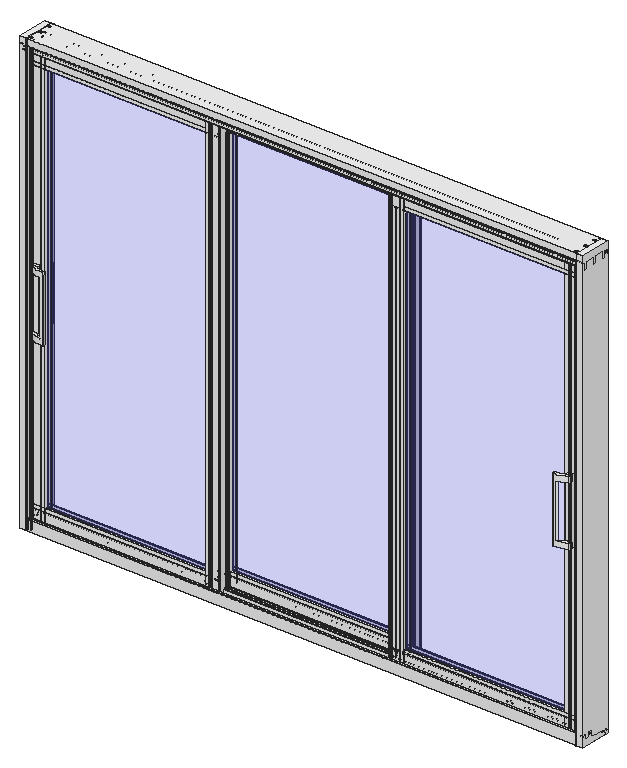
Revit family "Patio-Door_R-550-2-0_3-Light_XOX_5in_Novatech", category Doors, host Wall, Revit 2026 (continued)
Definition of nested family "NOVATECH_R-550 (2.0)_3 light OXO 5in_DOOR FRAME"
  Definition of nested family "NOVATECH 650_2 LIGHT_DOOR FRAME_RIGHT"
    Automatic sketch dimensions
      Extrusion 1 sketch curve to Extrusion 1 sketch curve = 0.00868"
      Extrusion 1 sketch curve to Extrusion 1 sketch curve = 0.18076"
      Extrusion 1 sketch curve to Extrusion 1 sketch curve = 0.81136"
      Extrusion 1 sketch curve to Extrusion 1 sketch curve = 0.03246"
      plane 1 "Center (Front/Back)" to Extrusion 1 sketch curve = 1.56321"
      Extrusion 1 sketch curve to Extrusion 1 sketch curve = 0.0325"
      Extrusion 1 sketch curve to Extrusion 1 sketch curve = 0.07999"  (x2)
      plane 1 "Center (Front/Back)" to Extrusion 1 sketch curve = 1.87161"
      Extrusion 1 sketch curve to Extrusion 1 sketch curve = 0.3085"
      Extrusion 1 sketch curve to Extrusion 1 sketch curve = 0.00515"  (x2)
      Extrusion 1 sketch curve to Extrusion 1 sketch curve = 0.02313"
      Extrusion 1 sketch curve to Extrusion 1 sketch curve = 0.02334"
      Extrusion 1 sketch curve to Extrusion 1 sketch curve = 0.0105"
      Extrusion 1 sketch curve to Extrusion 1 sketch curve = 0.02324"
      Extrusion 1 sketch curve to Extrusion 1 sketch curve = 0.03892"
      Extrusion 1 sketch curve to Extrusion 1 sketch curve = 0.03913"
      Extrusion 1 sketch curve to Extrusion 1 sketch curve = 0.02504"
      Extrusion 1 sketch curve to Extrusion 1 sketch curve = 0.00912"
      Extrusion 1 sketch curve to Extrusion 1 sketch curve = 0.00975"
      Extrusion 1 sketch curve to Extrusion 1 sketch curve = 0.00795"
      Extrusion 1 sketch curve to Extrusion 1 sketch curve = 0.00895"
      Extrusion 1 sketch curve to Extrusion 1 sketch curve = 0.03972"
      Extrusion 1 sketch curve to Extrusion 1 sketch curve = 0.03991"
      Extrusion 1 sketch curve to Extrusion 1 sketch curve = 0.02244"
      Extrusion 1 sketch curve to Extrusion 1 sketch curve = 0.02246"  (x3)
      Extrusion 1 sketch curve to Extrusion 1 sketch curve = 0.04436"
      Extrusion 1 sketch curve to Extrusion 1 sketch curve = 0.04602"
      Extrusion 1 sketch curve to Extrusion 1 sketch curve = 0.02305"
      Extrusion 1 sketch curve to Extrusion 1 sketch curve = 0.02222"
      Extrusion 1 sketch curve to Extrusion 1 sketch curve = 0.04558"  (x2)
      Extrusion 1 sketch curve to Extrusion 1 sketch curve = 0.00146"
      Extrusion 1 sketch curve to Extrusion 1 sketch curve = 0.03746"
      Extrusion 1 sketch curve to Extrusion 1 sketch curve = 0.03743"
      Extrusion 1 sketch curve to Extrusion 1 sketch curve = 0.00764"
      Extrusion 1 sketch curve to Extrusion 1 sketch curve = 0.00916"
      Extrusion 1 sketch curve to Extrusion 1 sketch curve = 0.01071"
      Extrusion 1 sketch curve to Extrusion 1 sketch curve = 0.01185"
      Extrusion 1 sketch curve to Extrusion 1 sketch curve = 0.00926"
      Extrusion 1 sketch curve to Extrusion 1 sketch curve = 0.03921"
      Extrusion 1 sketch curve to Extrusion 1 sketch curve = 0.03995"
      Extrusion 1 sketch curve to Extrusion 1 sketch curve = 0.02304"
      Extrusion 1 sketch curve to Extrusion 1 sketch curve = 0.02379"
      Extrusion 1 sketch curve to Extrusion 1 sketch curve = 0.16734"
      Extrusion 1 sketch curve to Extrusion 1 sketch curve = 0.07341"
      Extrusion 1 sketch curve to Extrusion 1 sketch curve = 0.18462"
      Extrusion 1 sketch curve to Extrusion 1 sketch curve = 0.35207"
Definition of nested family "NOVATECH_R-550 (2.0)_3 LIGHT_XOX_5in_LOOK HANDLE"
  Parameters (values of type "LOOK HANDLE")
    View Handle = yes
    Look Handle = yes
    Hardware Material = none
    Handle Length [instance] = 12"
    Default Elevation = 0"
  Reference planes (in)
    plane 1 "Center (Front/Back)": y = 0
    plane 2: z = 0
    plane 3 "Center (Left/Right)": x = 0
    plane 4: z = 12
    plane 5: z = 11
    plane 6: z = 1
    plane 7: z = 6
  Forms (in)
    Extrusion 1, solid, material <- "Hardware Material", visible <- "Look Handle"
      sketch origin (-2.75609, 4.10702, 0) x (1, 0, 0) y (0, 1, 0)
        loop
          line (2.28365, -5.7645) -> (2.29002, -6.12973)
          arc (2.29002, -6.12973) -> (2.31095, -6.17843) -> (2.36001, -6.1985) r 0.07
          line (2.36001, -6.1985) -> (3.15217, -6.1985)
          arc (3.15217, -6.1985) -> (3.20123, -6.17843) -> (3.22216, -6.12973) r 0.07
          line (3.22216, -6.12973) -> (3.22853, -5.7645) -> (2.28365, -5.7645)
      from 0 to 12
    Extrusion 2, solid, material <- "Hardware Material", visible <- "Look Handle"
      sketch origin (-2.75609, 4.10702, 0) x (1, 0, 0) y (0, 1, 0)
        loop
          arc (2.92658, -7.01425) -> (2.95049, -7.06991) -> (3.00657, -7.09285) r 0.08
          line (3.00657, -7.09285) -> (3.06811, -7.09285)
          arc (3.06811, -7.09285) -> (3.12419, -7.06991) -> (3.1481, -7.01425) r 0.08
          line (3.1481, -7.01425) -> (3.16234, -6.1985) -> (2.88163, -6.1985)
          arc (2.88163, -6.1985) -> (2.90353, -6.20746) -> (2.91288, -6.22921) r 0.03125
          line (2.91288, -6.22921) -> (2.92658, -7.01425)
      from 4.54231 to 11
    Extrusion 3, solid, material <- "Hardware Material", visible <- "Look Handle"
      sketch origin (-5.65408, 4.10702, 0) x (1, 0, 0) y (0, 1, 0)
        loop
          arc (5.26207, -7.01425) -> (5.28599, -7.06991) -> (5.34206, -7.09285) r 0.08
          line (5.34206, -7.09285) -> (5.96611, -7.09285)
          arc (5.96611, -7.09285) -> (6.02218, -7.06991) -> (6.0461, -7.01425) r 0.08
          line (6.0461, -7.01425) -> (6.06033, -6.1985) -> (5.24783, -6.1985) -> (5.26207, -7.01425)
      from 1 to 4.54231
  Dimensions and locks (in)
    "Handle Length": plane 4 to level
    locked: plane 4 to plane 5 at 1
    locked: plane 6 to level at 1
    equal spacing: plane 4, plane 7, level, locked at 6 each
    aligned and locked: plane 2 to level
  Automatic sketch dimensions
    Extrusion 1 sketch curve to plane 3 "Center (Left/Right)" = 0.47244"
    Extrusion 1 sketch curve to Extrusion 1 sketch curve = 0.00637"  (x2)
    Extrusion 1 sketch curve to Extrusion 1 sketch curve = 0.06999"  (x2)
    plane 3 "Center (Left/Right)" to Extrusion 1 sketch curve = 0.39608"
    plane 1 "Center (Front/Back)" to Extrusion 1 sketch curve = 2.09148"
    Extrusion 1 sketch curve to Extrusion 1 sketch curve = 0.06878"  (x2)
    Extrusion 1 sketch curve to Extrusion 1 sketch curve = 0.36522"
    plane 3 "Center (Left/Right)" to Extrusion 2 sketch curve = 0.31202"
    Extrusion 2 sketch curve to Extrusion 2 sketch curve = 0.07999"
    plane 1 "Center (Front/Back)" to Extrusion 2 sketch curve = 2.90722"
    Extrusion 2 sketch curve to Extrusion 2 sketch curve = 0.0014"  (x2)
    plane 3 "Center (Left/Right)" to Extrusion 2 sketch curve = 0.15679"
    Extrusion 2 sketch curve to Extrusion 2 sketch curve = 0.24946"
    Extrusion 2 sketch curve to Extrusion 2 sketch curve = 0.78504"
    Extrusion 2 sketch curve to Extrusion 2 sketch curve = 0.0307"
    Extrusion 2 sketch curve to Extrusion 2 sketch curve = 0.06155"
    Extrusion 2 sketch curve to Extrusion 2 sketch curve = 0"  (x2)
    Extrusion 2 sketch curve to Extrusion 2 sketch curve = 0.00055"
    plane 3 "Center (Left/Right)" to Extrusion 2 sketch curve = 0.12554"
    Extrusion 3 sketch curve to plane 3 "Center (Left/Right)" = 0.39201"
    Extrusion 3 sketch curve to Extrusion 3 sketch curve = 0.07999"
    plane 1 "Center (Front/Back)" to Extrusion 3 sketch curve = 2.90722"
    Extrusion 3 sketch curve to Extrusion 3 sketch curve = 0.0014"  (x2)
    Extrusion 3 sketch curve to plane 3 "Center (Left/Right)" = 13/32"
    Extrusion 3 sketch curve to Extrusion 3 sketch curve = 0.81574"
    plane 3 "Center (Left/Right)" to Extrusion 3 sketch curve = 0.31202"
    plane 3 "Center (Left/Right)" to Extrusion 3 sketch curve = 13/32"
    Extrusion 3 sketch curve to Extrusion 3 sketch curve = 0.0786"
Definition of nested family "NOVATECH_R-550 (2.0)_3 LIGHT_XOX_5in_VIEW HANDLE"
  Parameters (values of type "VIEW HANDLE")
    Hardware Finish = none
    Handle Length [instance] = 12"
    Default Elevation = 0"
  Reference planes (in)
    plane 1 "Center (Front/Back)": y = 0
    plane 2: z = 0
    plane 3 "Center (Left/Right)": x = 0
    plane 4: z = 12
    plane 5: z = 11
    plane 6: z = 1
    plane 7: z = 6
  Forms (in)
    Extrusion 1, solid, material <- "Hardware Finish"
      sketch origin (-2.75609, -5.7645, 0) x (1, 0, 0) y (0, 1, 0)
        loop
          line (2.25609, 6.2645) -> (2.25609, 5.7645) -> (3.25609, 5.7645) -> (3.25609, 6.2645) -> (2.25609, 6.2645)
      from 0 to 12
    Extrusion 2, solid, material <- "Hardware Finish"
      sketch origin (-2.75609, -5.7645, 0) x (1, 0, 0) y (0, 1, 0)
        loop
          arc (3.25636, 6.2645) -> (3.36219, 6.58898) -> (3.65155, 6.76996) r 0.5
          arc (3.65155, 6.76996) -> (4.19674, 6.84875) -> (4.74609, 6.8895) r 7.93092
          arc (4.74609, 6.8895) -> (4.87857, 6.94764) -> (4.92546, 7.0845) r 0.18
          arc (4.92546, 7.0845) -> (4.87857, 7.22136) -> (4.74609, 7.2795) r 0.18
          arc (4.74609, 7.2795) -> (3.50036, 7.21489) -> (2.35751, 6.71497) r 3.47867
          arc (2.35751, 6.71497) -> (2.28354, 6.64857) -> (2.25609, 6.55303) r 0.18
          line (2.25609, 6.55303) -> (2.25609, 6.2645) -> (3.25636, 6.2645)
      from 0 to 12
    Extrusion 3, void
      sketch origin (-2.75609, -5.7645, 0) x (1, 0, 0) y (0, 1, 0)
        loop
          arc (3.25636, 6.2645) -> (3.36219, 6.58898) -> (3.65155, 6.76996) r 0.5
          arc (3.65155, 6.76996) -> (3.99574, 6.82419) -> (4.34198, 6.86326) r 7.93092
          arc (4.34198, 6.86326) -> (4.5239, 7.10462) -> (4.30048, 7.30816) r 0.22439
          arc (4.30048, 7.30816) -> (3.28473, 7.15656) -> (2.35751, 6.71497) r 3.47867
          arc (2.35751, 6.71497) -> (2.28354, 6.64857) -> (2.25609, 6.55303) r 0.18
          line (2.25609, 6.55303) -> (2.25609, 6.2645) -> (3.25636, 6.2645)
      from 1 to 11
  Cuts and joins
    Extrusion 3 cuts Extrusion 2
  Dimensions and locks (in)
    "Handle Length": plane 4 to level
    locked: plane 4 to plane 5 at 1
    locked: plane 6 to level at 1
    equal spacing: plane 4, plane 7, level, locked at 6 each
    aligned and locked: plane 2 to level
    aligned and locked: cut or joined group of Extrusion 2, Extrusion 3 to plane 5
    aligned and locked: plane 6 to cut or joined group of Extrusion 2, Extrusion 3
    aligned and locked: Extrusion 1 to plane 4
    aligned and locked: cut or joined group of Extrusion 2, Extrusion 3 to plane 4
  Automatic sketch dimensions
    plane 1 "Center (Front/Back)" to Extrusion 1 sketch curve = 0"
    Extrusion 1 sketch curve to plane 3 "Center (Left/Right)" = 1/2"
    plane 3 "Center (Left/Right)" to Extrusion 1 sketch curve = 1/2"
    Extrusion 1 sketch curve to plane 1 "Center (Front/Back)" = 1/2"
    Extrusion 2 sketch curve to plane 3 "Center (Left/Right)" = 1/2"
    Extrusion 2 sketch curve to Extrusion 2 sketch curve = 0.18"
    plane 3 "Center (Left/Right)" to Extrusion 2 sketch curve = 0.50027"
    Extrusion 2 sketch curve to Extrusion 2 sketch curve = 0.49973"
    plane 3 "Center (Left/Right)" to Extrusion 2 sketch curve = 1.54439"
    Extrusion 2 sketch curve to Extrusion 2 sketch curve = 0.99"
    Extrusion 2 sketch curve to Extrusion 2 sketch curve = 0"
    plane 3 "Center (Left/Right)" to Extrusion 2 sketch curve = 2.30175"
    plane 1 "Center (Front/Back)" to Extrusion 2 sketch curve = 6.79979"
    plane 1 "Center (Front/Back)" to Extrusion 2 sketch curve = 1.93501"
    Extrusion 2 sketch curve to plane 1 "Center (Front/Back)" = 1/2"
    Extrusion 2 sketch curve to Extrusion 2 sketch curve = 0.0165"
    Extrusion 2 sketch curve to Extrusion 2 sketch curve = 0.28853"
    Extrusion 2 sketch curve to Extrusion 2 sketch curve = 0.7885"
    Extrusion 2 sketch curve to Extrusion 2 sketch curve = 0.03"
    Extrusion 2 sketch curve to Extrusion 2 sketch curve = 0.07858"
    Extrusion 2 sketch curve to Extrusion 2 sketch curve = 0.10454"
    Extrusion 3 sketch curve to plane 3 "Center (Left/Right)" = 1/2"
    Extrusion 3 sketch curve to Extrusion 3 sketch curve = 0.18"
    plane 3 "Center (Left/Right)" to Extrusion 3 sketch curve = 0.50027"
    Extrusion 3 sketch curve to Extrusion 3 sketch curve = 0.49973"
    plane 3 "Center (Left/Right)" to Extrusion 3 sketch curve = 1.54439"
    plane 3 "Center (Left/Right)" to Extrusion 3 sketch curve = 2.30175"
    plane 1 "Center (Front/Back)" to Extrusion 3 sketch curve = 6.79979"
    plane 1 "Center (Front/Back)" to Extrusion 3 sketch curve = 1.93501"
    Extrusion 3 sketch curve to plane 1 "Center (Front/Back)" = 1/2"
    Extrusion 3 sketch curve to Extrusion 3 sketch curve = 0.0165"
    Extrusion 3 sketch curve to Extrusion 3 sketch curve = 0.28853"
    Extrusion 3 sketch curve to Extrusion 3 sketch curve = 0.80277"
    Extrusion 3 sketch curve to Extrusion 3 sketch curve = 0.07858"
    Extrusion 3 sketch curve to Extrusion 3 sketch curve = 0.10454"
    Extrusion 3 sketch curve to Extrusion 3 sketch curve = 0.0415"
Definition of nested family "NOVATECH_R-550 (2.0)_3 LIGHT_XOX_5in_SASH_X"
  Parameters (values of type "SASH_X")
    Width = 33.71615"
    Panel Material = none
    Height = 77 27/64"
    Frame Material = none
    Default Elevation = 0"
  Reference planes (in)
    plane 1 "Center (Front/Back)": y = 0
    plane 2: z = 0
    plane 3 "Center (Left/Right)": x = 0
    plane 4: x = 16.85807
    plane 5: x = -16.85807
    plane 6: z = 77.42188
    plane 7: y = 0.76968
  Forms (in)
    Extrusion 1, solid, material <- "Panel Material"
      sketch origin (53.05518, -3.44005, -6.62158) x (1, 0, 0) y (0, 1, 0)
        loop
          line (-67.69348, 4.64701) -> (-67.69348, 3.77299) -> (-36.97379, 3.77299) -> (-36.97379, 4.64701) -> (-67.69348, 4.64701)
      from 8.65969 to 82.00488
  Dimensions and locks (in)
    "Height": plane 6 to level
    "Width": plane 4 to plane 5
    equal spacing: plane 4, plane 3 "Center (Left/Right)", plane 5
    locked: plane 5 to nested 3 at 0.18167
    locked: plane 4 to nested 3 at 1.2619
    locked: Extrusion 1 sketch curve to Extrusion 1 sketch curve at 0.87402
    locked: plane 1 "Center (Front/Back)" to plane 7 at 0.76968
    locked: plane 5 to Extrusion 1 at 2.21978
    locked: Extrusion 1 to plane 4 at 0.77668
    locked: plane 6 to Extrusion 1 at 2.03858
    locked: Extrusion 1 to level at 2.03811
    locked: plane 5 to nested 4 at 0.18167
    locked: plane 4 to nested 4 at 1.2619
    aligned and locked: plane 2 to level
    aligned and locked: nested 1 to level
    aligned and locked: nested 2 to level
    aligned and locked: nested 1 to plane 5
    aligned and locked: plane 1 "Center (Front/Back)" to nested 1
    aligned and locked: nested 2 to plane 4
    aligned and locked: plane 6 to nested 3
    aligned and locked: plane 1 "Center (Front/Back)" to nested 3
    aligned and locked: nested 4 to plane 1 "Center (Front/Back)"
    aligned and locked: level to nested 4
  Automatic sketch dimensions
    Extrusion 1 sketch curve to plane 1 "Center (Front/Back)" = 0.33295"
    plane 5 to Extrusion 1 sketch curve = 2.21978"
    Extrusion 1 sketch curve to plane 4 = 0.77668"
  Nested families (in)
    nested 1: "NOVATECH_650_2 LIGHT_SASH_X_LEFT" at (-16.85807, 1.65748, 0) x (0, -1, 0) z (0, 0, 1), type "X_LEFT"
      with Length 77 27/64"
    nested 2: "NOVATECH_650_2 LIGHT_SASH_X_RIGHT" at (18.20666, 1.65775, 0) x (0, 1, 0) z (0, 0, 1), type "X_RIGHT"
    nested 3: "NOVATECH_650_2 LIGHT_SASH_X_HEADER1" at (-16.67641, 1.65748, 74.81906), type "X_HEADER 2"
      with built-in parameter 1001306 2.8997 (stored number, unit not read)
    nested 4: "NOVATECH_650_2 LIGHT_SASH_X_SILL1" at (18.11998, 1.65748, 0) x (-1, 0, 0) z (0, 0, 1), type "X_SILL 2"
      with built-in parameter 1001306 2.8997 (stored number, unit not read)
  Definition of nested family "NOVATECH_650_2 LIGHT_SASH_X_LEFT"
    Parameters (values of type "X_LEFT")
      Length = 91 121/128"
      Frame Material = none
      Default Elevation = 0"
    Reference planes (in)
      plane 1 "Center (Front/Back)": y = 0
      plane 2: z = 0
      plane 3 "Center (Left/Right)": x = 0
      plane 4: z = 91.94531
      plane 5: x = 1.65748
    Forms (in)
      Extrusion 1, solid, material <- "Frame Material"
        sketch origin (0, 0, 0) x (1, 0, 0) y (0, 1, 0)
          loop
            line (1.22244, 0.89033) -> (1.22244, 0.50487) -> (1.27362, 0.50487) -> (1.27362, 0.56786) -> (1.3248, 0.56786) -> (1.3248, 0.26077) -> (1.27362, 0.26077) -> (1.27362, 0.32377) -> (1.22244, 0.32377) -> (1.22244, 0.24072)
            arc (1.22244, 0.24072) -> (1.23974, 0.19896) -> (1.2815, 0.18167) r 0.05906
            line (1.2815, 0.18167) -> (1.59843, 0.18167)
            arc (1.59843, 0.18167) -> (1.64018, 0.19896) -> (1.65748, 0.24072) r 0.05906
            line (1.65748, 0.24072) -> (1.65748, 2.72091)
            arc (1.65748, 2.72091) -> (1.65024, 2.74028) -> (1.63206, 2.75015) r 0.02953
            line (1.63206, 2.75015) -> (1.3878, 2.78448) -> (1.3878, 2.74317) -> (1.42126, 2.74317) -> (1.42126, 2.09505) -> (1.3248, 2.09505) -> (1.3248, 2.21978) -> (0.45079, 2.21978) -> (0.45079, 2.09458) -> (0.22047, 2.09458) -> (0.22047, 1.85883) -> (0.27165, 1.85883) -> (0.27165, 1.76041) -> (0.07874, 1.76041) -> (0.07874, 2.09505) -> (0, 2.09505) -> (0, 0.24072)
            arc (0, 0.24072) -> (0.0173, 0.19896) -> (0.05906, 0.18167) r 0.05906
            line (0.05906, 0.18167) -> (0.37598, 0.18167)
            arc (0.37598, 0.18167) -> (0.41774, 0.19896) -> (0.43504, 0.24072) r 0.05906
            line (0.43504, 0.24072) -> (0.43504, 0.32377) -> (0.38386, 0.32377) -> (0.38386, 0.26077) -> (0.33268, 0.26077) -> (0.33268, 0.56786) -> (0.38386, 0.56786) -> (0.38386, 0.50487) -> (0.43504, 0.50487) -> (0.43504, 0.89033) -> (1.22244, 0.89033)
          loop
            line (0.52457, 0.37126) -> (0.52457, 0) -> (1.13481, 0) -> (1.13481, 0.37126)
            arc (1.13481, 0.37126) -> (1.10598, 0.44086) -> (1.03638, 0.46969) r 0.09843
            line (1.03638, 0.46969) -> (0.623, 0.46969)
            arc (0.623, 0.46969) -> (0.5534, 0.44086) -> (0.52457, 0.37126) r 0.09843
          loop
            line (0.44481, 0.62418) -> (0.44481, 0.49623) -> (1.21253, 0.49623) -> (1.21253, 0.62418) -> (1.17489, 0.62418) -> (1.17489, 0.86183) -> (0.49772, 0.86183) -> (0.49772, 0.62418) -> (0.44481, 0.62418)
          loop
            line (0.3878, 2.78254) -> (0.02953, 2.78254)
            arc (0.02953, 2.78254) -> (0.00865, 2.77389) -> (0, 2.75302) r 0.02953
            line (0, 2.75302) -> (0, 2.12252)
            arc (0, 2.12252) -> (0.00787, 2.10888) -> (0.02362, 2.10888) r 0.01575
            line (0.02362, 2.10888) -> (0.05272, 2.12216)
            arc (0.05272, 2.12216) -> (0.07644, 2.12249) -> (0.08888, 2.10229) r 0.02402
            line (0.08888, 2.10229) -> (0.10187, 1.9166) -> (0.13488, 1.83593)
            arc (0.13488, 1.83593) -> (0.16048, 1.8092) -> (0.19743, 1.80702) r 0.05066
            arc (0.19743, 1.80702) -> (0.2171, 1.82834) -> (0.21099, 1.8567) r 0.0315
            line (0.21099, 1.8567) -> (0.16631, 1.96729) -> (0.15655, 2.09491) -> (0.23966, 2.14667) -> (0.34645, 2.11042)
            arc (0.34645, 2.11042) -> (0.36116, 2.11197) -> (0.3681, 2.12502) r 0.01575
            line (0.3681, 2.12502) -> (0.36811, 2.74317) -> (0.3878, 2.78254)
        from 0 to 91.94531
    Dimensions and locks (in)
      "Length": plane 4 to level
      aligned and locked: plane 2 to level
      aligned and locked: Extrusion 1 to level
      aligned and locked: plane 4 to Extrusion 1
    Automatic sketch dimensions
      plane 1 "Center (Front/Back)" to Extrusion 1 sketch curve = 0"
      plane 3 "Center (Left/Right)" to Extrusion 1 sketch curve = 0.43504"
      Extrusion 1 sketch curve to Extrusion 1 sketch curve = 0.00977"
      Extrusion 1 sketch curve to Extrusion 1 sketch curve = 0.06269"
      Extrusion 1 sketch curve to Extrusion 1 sketch curve = 0.07977"
      Extrusion 1 sketch curve to Extrusion 1 sketch curve = 0.09843"  (x2)
      Extrusion 1 sketch curve to Extrusion 1 sketch curve = 0.41339"
      Extrusion 1 sketch curve to Extrusion 1 sketch curve = 0.13851"
      Extrusion 1 sketch curve to Extrusion 1 sketch curve = 0.03764"
      Extrusion 1 sketch curve to Extrusion 1 sketch curve = 0.04755"
      Extrusion 1 sketch curve to Extrusion 1 sketch curve = 0"  (x2)
      Extrusion 1 sketch curve to Extrusion 1 sketch curve = 0.01575"  (x2)
      Extrusion 1 sketch curve to Extrusion 1 sketch curve = 0.00787"  (x3)
      Extrusion 1 sketch curve to Extrusion 1 sketch curve = 0.02953"  (x2)
      Extrusion 1 sketch curve to Extrusion 1 sketch curve = 0.0291"
      Extrusion 1 sketch curve to Extrusion 1 sketch curve = 0.05906"
      Extrusion 1 sketch curve to Extrusion 1 sketch curve = 0.01216"
      Extrusion 1 sketch curve to Extrusion 1 sketch curve = 0.01386"
      Extrusion 1 sketch curve to Extrusion 1 sketch curve = 0.01014"
      Extrusion 1 sketch curve to Extrusion 1 sketch curve = 0.02313"
      Extrusion 1 sketch curve to Extrusion 1 sketch curve = 0.03301"
      Extrusion 1 sketch curve to Extrusion 1 sketch curve = 0.06767"
      Extrusion 1 sketch curve to Extrusion 1 sketch curve = 0.06444"
      Extrusion 1 sketch curve to Extrusion 1 sketch curve = 3/64"
      Extrusion 1 sketch curve to Extrusion 1 sketch curve = 0.00498"
      Extrusion 1 sketch curve to Extrusion 1 sketch curve = 0.02926"
      Extrusion 1 sketch curve to Extrusion 1 sketch curve = 0.06392"
      Extrusion 1 sketch curve to Extrusion 1 sketch curve = 0.01918"
      Extrusion 1 sketch curve to Extrusion 1 sketch curve = 0.05118"  (x5)
      Extrusion 1 sketch curve to Extrusion 1 sketch curve = 0.27362"  (x2)
      Extrusion 1 sketch curve to Extrusion 1 sketch curve = 0.1068"
      Extrusion 1 sketch curve to Extrusion 1 sketch curve = 0.0059"
      Extrusion 1 sketch curve to Extrusion 1 sketch curve = 0.33858"
      Extrusion 1 sketch curve to Extrusion 1 sketch curve = 0.04331"  (x2)
      Extrusion 1 sketch curve to Extrusion 1 sketch curve = 0.01969"
      Extrusion 1 sketch curve to Extrusion 1 sketch curve = 0.08268"
      Extrusion 1 sketch curve to Extrusion 1 sketch curve = 0.87402"
      Extrusion 1 sketch curve to Extrusion 1 sketch curve = 0.06299"  (x5)
      Extrusion 1 sketch curve to Extrusion 1 sketch curve = 0.09646"
      Extrusion 1 sketch curve to Extrusion 1 sketch curve = 0.20669"
      Extrusion 1 sketch curve to Extrusion 1 sketch curve = 0.00411"
      Extrusion 1 sketch curve to plane 1 "Center (Front/Back)" = 0.18167"  (x2)
      Extrusion 1 sketch curve to Extrusion 1 sketch curve = 0.02005"  (x2)
      Extrusion 1 sketch curve to Extrusion 1 sketch curve = 0.12497"
      Extrusion 1 sketch curve to Extrusion 1 sketch curve = 0.12795"  (x2)
      Extrusion 1 sketch curve to Extrusion 1 sketch curve = 0.1811"  (x2)
      Extrusion 1 sketch curve to Extrusion 1 sketch curve = 0.23764"
      Extrusion 1 sketch curve to Extrusion 1 sketch curve = 0.0285"
      Extrusion 1 sketch curve to Extrusion 1 sketch curve = 0.32247"
      Extrusion 1 sketch curve to Extrusion 1 sketch curve = 0.07552"
      Extrusion 1 sketch curve to Extrusion 1 sketch curve = 0.0007"
      Extrusion 1 sketch curve to Extrusion 1 sketch curve = 0.01855"
      Extrusion 1 sketch curve to Extrusion 1 sketch curve = 0.00151"
      Extrusion 1 sketch curve to Extrusion 1 sketch curve = 0.00214"
      Extrusion 1 sketch curve to Extrusion 1 sketch curve = 0.08067"
      Extrusion 1 sketch curve to Extrusion 1 sketch curve = 0.05069"
      Extrusion 1 sketch curve to Extrusion 1 sketch curve = 0.12728"
      Extrusion 1 sketch curve to Extrusion 1 sketch curve = 0.00033"
      Extrusion 1 sketch curve to Extrusion 1 sketch curve = 0.00014"
      Extrusion 1 sketch curve to Extrusion 1 sketch curve = 0.00047"
      Extrusion 1 sketch curve to Extrusion 1 sketch curve = 0.00639"
      Extrusion 1 sketch curve to Extrusion 1 sketch curve = 0.00724"
      Extrusion 1 sketch curve to Extrusion 1 sketch curve = 0.01383"
      Extrusion 1 sketch curve to Extrusion 1 sketch curve = 0.01584"
      Extrusion 1 sketch curve to Extrusion 1 sketch curve = 0.05209"
      Extrusion 1 sketch curve to Extrusion 1 sketch curve = 0.12472"
      Extrusion 1 sketch curve to Extrusion 1 sketch curve = 0.50114"
      Extrusion 1 sketch curve to Extrusion 1 sketch curve = 0.5234"
      Extrusion 1 sketch curve to Extrusion 1 sketch curve = 0.02226"
      Extrusion 1 sketch curve to Extrusion 1 sketch curve = 0.00984"
      Extrusion 1 sketch curve to Extrusion 1 sketch curve = 0.04131"
      Extrusion 1 sketch curve to plane 3 "Center (Left/Right)" = 0"
      Extrusion 1 sketch curve to Extrusion 1 sketch curve = 0.08763"
      Extrusion 1 sketch curve to Extrusion 1 sketch curve = 0.87008"
  Definition of nested family "NOVATECH_650_2 LIGHT_SASH_X_RIGHT"
    Parameters (values of type "NOVATECH_650_2 LIGHT_SASH_X_RIGHT")
      Length = 79 1/2"
      Frame Material = none
      Default Elevation = 0"
    Types (2): name | Length
      NOVATECH_650_2 LIGHT_SASH_X_RIGHT | 79 1/2"
      X_RIGHT | 77 27/64"
    Reference planes (in)
      plane 1 "Center (Front/Back)": y = 0
      plane 2: z = 0
      plane 3 "Center (Left/Right)": x = 0
      plane 4: z = 79.5
      plane 5: y = 1.34858
    Forms (in)
      Extrusion 1, solid, material <- "Frame Material"
        sketch origin (0, 0, 0) x (1, 0, 0) y (0, 1, 0)
          loop
            line (-1.3878, 2.68949) -> (-1.63206, 2.65516)
            arc (-1.63206, 2.65516) -> (-1.65024, 2.6453) -> (-1.65748, 2.62592) r 0.02953
            line (-1.65748, 2.62592) -> (-1.65748, 0.14573)
            arc (-1.65748, 0.14573) -> (-1.64018, 0.10398) -> (-1.59843, 0.08668) r 0.05906
            line (-1.59843, 0.08668) -> (-1.2815, 0.08668)
            arc (-1.2815, 0.08668) -> (-1.23974, 0.10398) -> (-1.22244, 0.14573) r 0.05906
            line (-1.22244, 0.14573) -> (-1.22244, 0.21303)
            arc (-1.22244, 0.21303) -> (-1.24803, 0.22962) -> (-1.27362, 0.21303) r 0.02803
            line (-1.27362, 0.21303) -> (-1.27362, 0.18154)
            arc (-1.27362, 0.18154) -> (-1.29921, 0.16396) -> (-1.3248, 0.18154) r 0.02742
            line (-1.3248, 0.18154) -> (-1.3248, 0.45713)
            arc (-1.3248, 0.45713) -> (-1.29921, 0.47486) -> (-1.27362, 0.45713) r 0.02733
            line (-1.27362, 0.45713) -> (-1.27362, 0.42563)
            arc (-1.27362, 0.42563) -> (-1.24803, 0.40805) -> (-1.22244, 0.42563) r 0.02742
            line (-1.22244, 0.42563) -> (-1.22244, 0.79534) -> (-0.43504, 0.79534) -> (-0.43504, 0.42563)
            arc (-0.43504, 0.42563) -> (-0.40945, 0.40805) -> (-0.38386, 0.42563) r 0.02742
            line (-0.38386, 0.42563) -> (-0.38386, 0.45713)
            arc (-0.38386, 0.45713) -> (-0.35827, 0.47524) -> (-0.33268, 0.45713) r 0.02713
            line (-0.33268, 0.45713) -> (-0.33268, 0.18154)
            arc (-0.33268, 0.18154) -> (-0.35827, 0.16434) -> (-0.38386, 0.18154) r 0.02764
            line (-0.38386, 0.18154) -> (-0.38386, 0.21303)
            arc (-0.38386, 0.21303) -> (-0.40945, 0.23061) -> (-0.43504, 0.21303) r 0.02742
            line (-0.43504, 0.21303) -> (-0.43504, 0.14573)
            arc (-0.43504, 0.14573) -> (-0.41774, 0.10398) -> (-0.37598, 0.08668) r 0.05906
            line (-0.37598, 0.08668) -> (-0.05906, 0.08668)
            arc (-0.05906, 0.08668) -> (-0.0173, 0.10398) -> (0, 0.14573) r 0.05906
            line (0, 0.14573) -> (0, 2.00007) -> (-0.07874, 2.00007) -> (-0.07874, 1.66542) -> (-0.27165, 1.66542) -> (-0.27165, 1.76384) -> (-0.22047, 1.76384) -> (-0.22047, 2.00007) -> (-0.45079, 2.00007) -> (-0.45079, 2.12479) -> (-1.3248, 2.12479) -> (-1.3248, 1.99959) -> (-1.42126, 1.99959) -> (-1.42126, 2.64819) -> (-1.3878, 2.64819) -> (-1.3878, 2.68949)
          loop
            line (-0.36811, 2.64819) -> (-0.3681, 2.03003)
            arc (-0.3681, 2.03003) -> (-0.36116, 2.01698) -> (-0.34645, 2.01543) r 0.01575
            line (-0.34645, 2.01543) -> (-0.23966, 2.05168) -> (-0.15655, 1.99992) -> (-0.16631, 1.87231) -> (-0.21099, 1.76171)
            arc (-0.21099, 1.76171) -> (-0.21656, 1.73158) -> (-0.19388, 1.71098) r 0.0315
            arc (-0.19388, 1.71098) -> (-0.15883, 1.71501) -> (-0.1349, 1.74094) r 0.05068
            line (-0.1349, 1.74094) -> (-0.09948, 1.82779) -> (-0.08693, 2.0073)
            arc (-0.08693, 2.0073) -> (-0.07596, 2.02632) -> (-0.05404, 2.02757) r 0.02309
            line (-0.05404, 2.02757) -> (-0.02362, 2.01194)
            arc (-0.02362, 2.01194) -> (-0.00787, 2.01194) -> (0, 2.02558) r 0.01575
            line (0, 2.02558) -> (0, 2.65803)
            arc (0, 2.65803) -> (-0.00865, 2.67891) -> (-0.02953, 2.68756) r 0.02953
            line (-0.02953, 2.68756) -> (-0.3878, 2.68756) -> (-0.36811, 2.64819)
          loop
            line (-0.00532, 0.06693) -> (-0.4773, 0.06693) -> (-0.4391, 0.25591) -> (-0.38762, 0.25591)
            arc (-0.38762, 0.25591) -> (-0.37291, 0.26603) -> (-0.37712, 0.28339) r 0.01575
            line (-0.37712, 0.28339) -> (-0.48008, 0.397)
            arc (-0.48008, 0.397) -> (-0.50292, 0.39997) -> (-0.51341, 0.37946) r 0.02
            line (-0.51341, 0.37946) -> (-0.49589, 0.25591) -> (-0.53329, 0.07087) -> (-1.12384, 0.07087) -> (-1.16124, 0.25591) -> (-1.14375, 0.37069)
            arc (-1.14375, 0.37069) -> (-1.15412, 0.39135) -> (-1.17705, 0.38843) r 0.02
            line (-1.17705, 0.38843) -> (-1.27913, 0.26087)
            arc (-1.27913, 0.26087) -> (-1.28035, 0.24327) -> (-1.2643, 0.23594) r 0.0155
            line (-1.2643, 0.23594) -> (-1.21474, 0.24478) -> (-1.17143, 0.06693) -> (-1.96363, 0.06693) -> (-1.96363, 0.63673) -> (-1.90442, 0.6761) -> (-1.90442, 0.81723) -> (-1.70049, 0.81723) -> (-1.70049, 0.88415) -> (-1.90442, 0.88415) -> (-1.90442, 1.06988) -> (-1.93347, 1.10788) -> (-1.93347, 1.49105) -> (-1.99407, 1.596)
            arc (-1.99407, 1.596) -> (-1.99509, 1.62721) -> (-2.02356, 1.64005) r 0.02953
            arc (-2.02356, 1.64005) -> (-2.04694, 1.63301) -> (-2.05703, 1.61078) r 0.02953
            line (-2.05703, 1.61078) -> (-2.05703, 1.5712) -> (-2.0004, 1.47312) -> (-2.0004, 1.1048)
            arc (-2.0004, 1.1048) -> (-2.00887, 1.08863) -> (-2.02698, 1.08636) r 0.01969
            arc (-2.02698, 1.08636) -> (-2.06078, 1.0621) -> (-2.07371, 1.02255) r 0.06693
            line (-2.07371, 1.02255) -> (-2.07354, 0.97924)
            arc (-2.07354, 0.97924) -> (-2.04795, 0.96174) -> (-2.02236, 0.97924) r 0.02746
            line (-2.02236, 0.97924) -> (-2.02253, 1.01074)
            arc (-2.02253, 1.01074) -> (-1.99694, 1.02832) -> (-1.97135, 1.01074) r 0.02742
            line (-1.97135, 1.01074) -> (-1.97135, 0.73515)
            arc (-1.97135, 0.73515) -> (-1.99694, 0.71804) -> (-2.02253, 0.73515) r 0.02769
            line (-2.02253, 0.73515) -> (-2.02253, 0.77452)
            arc (-2.02253, 0.77452) -> (-2.04812, 0.79231) -> (-2.07371, 0.77452) r 0.0273
            line (-2.07371, 0.77452) -> (-2.07371, 0.72334)
            arc (-2.07371, 0.72334) -> (-2.06188, 0.68534) -> (-2.03056, 0.66078) r 0.06693
            line (-2.03056, 0.66078) -> (-2.03056, 0.07874)
            arc (-2.03056, 0.07874) -> (-2.0075, 0.02306) -> (-1.95182, 0) r 0.07874
            line (-1.95182, 0) -> (-0.04135, 0)
            arc (-0.04135, 0) -> (-0.01984, 0.0064) -> (-0.00532, 0.02351) r 0.03937
            line (-0.00532, 0.02351) -> (-0.00532, 0.06693)
        from 0 to 79.5
    Dimensions and locks (in)
      "Length": plane 4 to level
      aligned and locked: plane 2 to level
      aligned and locked: Extrusion 1 to level
      aligned and locked: plane 4 to Extrusion 1
    Automatic sketch dimensions
      plane 1 "Center (Front/Back)" to Extrusion 1 sketch curve = 0"
      Extrusion 1 sketch curve to plane 3 "Center (Left/Right)" = 0"  (x2)
      Extrusion 1 sketch curve to plane 3 "Center (Left/Right)" = 0.00532"
      Extrusion 1 sketch curve to plane 3 "Center (Left/Right)" = 0.01575"
      Extrusion 1 sketch curve to Extrusion 1 sketch curve = 0.00787"  (x2)
      Extrusion 1 sketch curve to plane 3 "Center (Left/Right)" = 0.02953"
      Extrusion 1 sketch curve to plane 3 "Center (Left/Right)" = 0.04135"
      Extrusion 1 sketch curve to Extrusion 1 sketch curve = 0.03042"
      Extrusion 1 sketch curve to plane 3 "Center (Left/Right)" = 0.05906"
      Extrusion 1 sketch curve to Extrusion 1 sketch curve = 0.00981"
      Extrusion 1 sketch curve to Extrusion 1 sketch curve = 0.01489"
      Extrusion 1 sketch curve to Extrusion 1 sketch curve = 0.00819"
      Extrusion 1 sketch curve to plane 3 "Center (Left/Right)" = 0.09948"
      Extrusion 1 sketch curve to Extrusion 1 sketch curve = 0.03542"
      Extrusion 1 sketch curve to Extrusion 1 sketch curve = 0.06962"
      Extrusion 1 sketch curve to Extrusion 1 sketch curve = 0.06683"
      Extrusion 1 sketch curve to Extrusion 1 sketch curve = 3/64"
      Extrusion 1 sketch curve to Extrusion 1 sketch curve = 0.00493"
      Extrusion 1 sketch curve to Extrusion 1 sketch curve = 0.02921"
      Extrusion 1 sketch curve to Extrusion 1 sketch curve = 0.06392"
      Extrusion 1 sketch curve to Extrusion 1 sketch curve = 0.01918"
      Extrusion 1 sketch curve to Extrusion 1 sketch curve = 0.05118"
      Extrusion 1 sketch curve to Extrusion 1 sketch curve = 0.27362"  (x2)
      Extrusion 1 sketch curve to Extrusion 1 sketch curve = 0.1068"
      Extrusion 1 sketch curve to Extrusion 1 sketch curve = 0.0059"
      Extrusion 1 sketch curve to Extrusion 1 sketch curve = 0.02559"  (x21)
      Extrusion 1 sketch curve to Extrusion 1 sketch curve = 0.01575"  (x3)
      Extrusion 1 sketch curve to Extrusion 1 sketch curve = 0.33858"
      Extrusion 1 sketch curve to Extrusion 1 sketch curve = 0.01772"
      Extrusion 1 sketch curve to Extrusion 1 sketch curve = 0.01885"
      Extrusion 1 sketch curve to Extrusion 1 sketch curve = 0.0105"
      Extrusion 1 sketch curve to Extrusion 1 sketch curve = 0.01969"  (x2)
      Extrusion 1 sketch curve to Extrusion 1 sketch curve = 0.00406"
      Extrusion 1 sketch curve to Extrusion 1 sketch curve = 0.08268"
      Extrusion 1 sketch curve to plane 1 "Center (Front/Back)" = 0.06693"  (x2)
      Extrusion 1 sketch curve to Extrusion 1 sketch curve = 0.04226"
      Extrusion 1 sketch curve to Extrusion 1 sketch curve = 0.04504"
      Extrusion 1 sketch curve to Extrusion 1 sketch curve = 0.01353"  (x2)
      Extrusion 1 sketch curve to Extrusion 1 sketch curve = 0.05678"
      Extrusion 1 sketch curve to Extrusion 1 sketch curve = 0.0198"
      Extrusion 1 sketch curve to plane 1 "Center (Front/Back)" = 0.07087"
      Extrusion 1 sketch curve to Extrusion 1 sketch curve = 0.05599"
      Extrusion 1 sketch curve to Extrusion 1 sketch curve = 0.59055"
      Extrusion 1 sketch curve to plane 1 "Center (Front/Back)" = 0.37069"
      Extrusion 1 sketch curve to Extrusion 1 sketch curve = 0.01991"
      Extrusion 1 sketch curve to plane 1 "Center (Front/Back)" = 0.25591"
      Extrusion 1 sketch curve to Extrusion 1 sketch curve = 0.01749"
      Extrusion 1 sketch curve to Extrusion 1 sketch curve = 0.01977"
      Extrusion 1 sketch curve to Extrusion 1 sketch curve = 0.04759"
      Extrusion 1 sketch curve to plane 1 "Center (Front/Back)" = 0.38843"
      Extrusion 1 sketch curve to plane 1 "Center (Front/Back)" = 0.24478"
      Extrusion 1 sketch curve to Extrusion 1 sketch curve = 0.0535"
      Extrusion 1 sketch curve to Extrusion 1 sketch curve = 0.04539"
      Extrusion 1 sketch curve to Extrusion 1 sketch curve = 0.05101"
      Extrusion 1 sketch curve to plane 1 "Center (Front/Back)" = 0.23594"
      Extrusion 1 sketch curve to Extrusion 1 sketch curve = 0.01627"
      Extrusion 1 sketch curve to Extrusion 1 sketch curve = 0.00272"
      Extrusion 1 sketch curve to plane 1 "Center (Front/Back)" = 0.26087"
      Extrusion 1 sketch curve to Extrusion 1 sketch curve = 0.0121"
      Extrusion 1 sketch curve to Extrusion 1 sketch curve = 0.05906"  (x2)
      Extrusion 1 sketch curve to Extrusion 1 sketch curve = 0.87402"
      Extrusion 1 sketch curve to Extrusion 1 sketch curve = 0.06299"
      Extrusion 1 sketch curve to Extrusion 1 sketch curve = 0.03346"
      Extrusion 1 sketch curve to plane 1 "Center (Front/Back)" = 0.14573"
      Extrusion 1 sketch curve to Extrusion 1 sketch curve = 0.20669"
      Extrusion 1 sketch curve to Extrusion 1 sketch curve = 0.00411"
      Extrusion 1 sketch curve to Extrusion 1 sketch curve = 0.47805"
      Extrusion 1 sketch curve to Extrusion 1 sketch curve = 0.20393"
      Extrusion 1 sketch curve to plane 5 = 0.67249"
      Extrusion 1 sketch curve to Extrusion 1 sketch curve = 0"  (x4)
      Extrusion 1 sketch curve to plane 5 = 0.24071"
      Extrusion 1 sketch curve to Extrusion 1 sketch curve = 0.02906"
      Extrusion 1 sketch curve to Extrusion 1 sketch curve = 0.29434"
      Extrusion 1 sketch curve to Extrusion 1 sketch curve = 0.05921"
      Extrusion 1 sketch curve to Extrusion 1 sketch curve = 0.06693"  (x3)
      plane 5 to Extrusion 1 sketch curve = 0.24742"
      Extrusion 1 sketch curve to Extrusion 1 sketch curve = 0.06059"
      Extrusion 1 sketch curve to Extrusion 1 sketch curve = 0.00984"  (x7)
      Extrusion 1 sketch curve to Extrusion 1 sketch curve = 0.02556"
      Extrusion 1 sketch curve to plane 5 = 0.36934"  (x2)
      Extrusion 1 sketch curve to Extrusion 1 sketch curve = 0.02542"
      Extrusion 1 sketch curve to plane 5 = 0.33784"
      Extrusion 1 sketch curve to Extrusion 1 sketch curve = 0.02378"
      Extrusion 1 sketch curve to Extrusion 1 sketch curve = 0.02953"
      Extrusion 1 sketch curve to plane 5 = 0.32603"
      Extrusion 1 sketch curve to Extrusion 1 sketch curve = 0.02576"
      Extrusion 1 sketch curve to plane 1 "Center (Front/Back)" = 0.02351"
      Extrusion 1 sketch curve to plane 1 "Center (Front/Back)" = 0.08668"
      Extrusion 1 sketch curve to Extrusion 1 sketch curve = 0.0358"  (x2)
      Extrusion 1 sketch curve to Extrusion 1 sketch curve = 0.01044"
      Extrusion 1 sketch curve to Extrusion 1 sketch curve = 0.02006"
      Extrusion 1 sketch curve to Extrusion 1 sketch curve = 0.02165"  (x2)
      Extrusion 1 sketch curve to Extrusion 1 sketch curve = 0.01144"
      Extrusion 1 sketch curve to Extrusion 1 sketch curve = 0.04287"
      Extrusion 1 sketch curve to Extrusion 1 sketch curve = 0.12355"
      Extrusion 1 sketch curve to Extrusion 1 sketch curve = 0.00281"
      Extrusion 1 sketch curve to Extrusion 1 sketch curve = 0.02863"
      Extrusion 1 sketch curve to Extrusion 1 sketch curve = 0.0372"
      Extrusion 1 sketch curve to Extrusion 1 sketch curve = 0.0219"
      Extrusion 1 sketch curve to Extrusion 1 sketch curve = 0.02248"
      Extrusion 1 sketch curve to Extrusion 1 sketch curve = 0.00902"
      Extrusion 1 sketch curve to Extrusion 1 sketch curve = 0.0096"
      Extrusion 1 sketch curve to Extrusion 1 sketch curve = 0.03937"
      Extrusion 1 sketch curve to Extrusion 1 sketch curve = 0.02405"
      Extrusion 1 sketch curve to Extrusion 1 sketch curve = 0.01181"
      Extrusion 1 sketch curve to Extrusion 1 sketch curve = 0.02239"
      Extrusion 1 sketch curve to Extrusion 1 sketch curve = 0.02986"
      Extrusion 1 sketch curve to Extrusion 1 sketch curve = 0.00951"
      Extrusion 1 sketch curve to Extrusion 1 sketch curve = 0.33821"
      Extrusion 1 sketch curve to Extrusion 1 sketch curve = 0.08207"
      Extrusion 1 sketch curve to Extrusion 1 sketch curve = 0.00995"
      Extrusion 1 sketch curve to Extrusion 1 sketch curve = 0.03799"
      Extrusion 1 sketch curve to Extrusion 1 sketch curve = 0.08225"
      Extrusion 1 sketch curve to Extrusion 1 sketch curve = 0.12288"
      Extrusion 1 sketch curve to Extrusion 1 sketch curve = 0.01793"
      Extrusion 1 sketch curve to Extrusion 1 sketch curve = 0.0248"
      Extrusion 1 sketch curve to Extrusion 1 sketch curve = 0.01478"
      plane 5 to Extrusion 1 sketch curve = 0.31684"
      Extrusion 1 sketch curve to Extrusion 1 sketch curve = 0.07552"
      Extrusion 1 sketch curve to Extrusion 1 sketch curve = 0.0007"
      Extrusion 1 sketch curve to Extrusion 1 sketch curve = 0.01855"
      Extrusion 1 sketch curve to Extrusion 1 sketch curve = 0.00151"
      Extrusion 1 sketch curve to Extrusion 1 sketch curve = 0.00214"
      Extrusion 1 sketch curve to Extrusion 1 sketch curve = 0.08685"
      Extrusion 1 sketch curve to Extrusion 1 sketch curve = 0.04452"
      plane 5 to Extrusion 1 sketch curve = 0.65101"
      Extrusion 1 sketch curve to Extrusion 1 sketch curve = 0.12761"
      Extrusion 1 sketch curve to Extrusion 1 sketch curve = 0.00014"  (x2)
      Extrusion 1 sketch curve to Extrusion 1 sketch curve = 0.0066"
      Extrusion 1 sketch curve to Extrusion 1 sketch curve = 0.00724"
      Extrusion 1 sketch curve to Extrusion 1 sketch curve = 0.01188"
      Extrusion 1 sketch curve to Extrusion 1 sketch curve = 0.01537"
      Extrusion 1 sketch curve to Extrusion 1 sketch curve = 0.05162"
      Extrusion 1 sketch curve to Extrusion 1 sketch curve = 0.1252"
      Extrusion 1 sketch curve to Extrusion 1 sketch curve = 0.50114"
      Extrusion 1 sketch curve to Extrusion 1 sketch curve = 0.5234"
      Extrusion 1 sketch curve to Extrusion 1 sketch curve = 0.02226"
      Extrusion 1 sketch curve to Extrusion 1 sketch curve = 0.04131"
  Definition of nested family "NOVATECH_650_2 LIGHT_SASH_X_HEADER1"
    Parameters (values of type "X_HEADER")
      built-in parameter 1001306 [instance] = 54"
      Frame Material = none
      Default Elevation = 0"
    Reference planes (in)
      plane 1 "Center (Front/Back)": y = 0
      plane 2: z = 0
      plane 3 "Left": x = 0
      plane 4 "Right": x = 54
    Forms (in)
      Extrusion 1, solid, material <- "Frame Material"
        sketch origin (0, 0, 0) x (0, 1, 0) y (0, 0, 1)
          loop
            arc (-1.59843, 2.60281) -> (-1.64018, 2.58552) -> (-1.65748, 2.54376) r 0.05906
            line (-1.65748, 2.54376) -> (-1.65748, 0.06357)
            arc (-1.65748, 0.06357) -> (-1.65024, 0.0442) -> (-1.63206, 0.03433) r 0.02953
            line (-1.63206, 0.03433) -> (-1.3878, 0) -> (-1.3878, 0.04131) -> (-1.42126, 0.04131) -> (-1.42126, 0.68943) -> (-1.32298, 0.68943) -> (-1.32298, 0.56423) -> (-0.44896, 0.56423) -> (-0.44896, 0.68943) -> (-0.22047, 0.68943) -> (-0.22047, 0.9099) -> (-0.27165, 0.9414) -> (-0.27165, 1.02407) -> (-0.07874, 1.02407) -> (-0.07874, 0.68943) -> (0, 0.68943) -> (0, 2.54376)
            arc (0, 2.54376) -> (-0.0173, 2.58552) -> (-0.05906, 2.60281) r 0.05906
            line (-0.05906, 2.60281) -> (-0.37598, 2.60281)
            arc (-0.37598, 2.60281) -> (-0.41774, 2.58552) -> (-0.43504, 2.54376) r 0.05906
            line (-0.43504, 2.54376) -> (-0.43504, 2.47646)
            arc (-0.43504, 2.47646) -> (-0.40945, 2.45644) -> (-0.38386, 2.47646) r 0.02637
            line (-0.38386, 2.47646) -> (-0.38386, 2.50796)
            arc (-0.38386, 2.50796) -> (-0.35827, 2.52747) -> (-0.33268, 2.50796) r 0.02654
            line (-0.33268, 2.50796) -> (-0.33268, 2.23237)
            arc (-0.33268, 2.23237) -> (-0.35827, 2.20678) -> (-0.38386, 2.23237) r 0.02559
            line (-0.38386, 2.23237) -> (-0.38386, 2.26386)
            arc (-0.38386, 2.26386) -> (-0.40945, 2.28945) -> (-0.43504, 2.26386) r 0.02559
            line (-0.43504, 2.26386) -> (-0.43504, 1.89415) -> (-1.22244, 1.89415) -> (-1.22244, 2.26386)
            arc (-1.22244, 2.26386) -> (-1.24803, 2.28945) -> (-1.27362, 2.26386) r 0.02559
            line (-1.27362, 2.26386) -> (-1.27362, 2.23237)
            arc (-1.27362, 2.23237) -> (-1.29921, 2.20678) -> (-1.3248, 2.23237) r 0.02559
            line (-1.3248, 2.23237) -> (-1.3248, 2.50796)
            arc (-1.3248, 2.50796) -> (-1.29921, 2.52747) -> (-1.27362, 2.50796) r 0.02654
            line (-1.27362, 2.50796) -> (-1.27362, 2.47646)
            arc (-1.27362, 2.47646) -> (-1.24803, 2.45644) -> (-1.22244, 2.47646) r 0.02637
            line (-1.22244, 2.47646) -> (-1.22244, 2.54376)
            arc (-1.22244, 2.54376) -> (-1.23974, 2.58552) -> (-1.2815, 2.60281) r 0.05906
            line (-1.2815, 2.60281) -> (-1.59843, 2.60281)
          loop
            line (0, 0.03147) -> (0, 0.65806)
            arc (0, 0.65806) -> (-0.00787, 0.67169) -> (-0.02362, 0.67169) r 0.01575
            line (-0.02362, 0.67169) -> (-0.05301, 0.66163)
            arc (-0.05301, 0.66163) -> (-0.07882, 0.66046) -> (-0.09279, 0.68219) r 0.02589
            line (-0.09279, 0.68219) -> (-0.10659, 0.87957) -> (-0.13463, 0.94897)
            arc (-0.13463, 0.94897) -> (-0.16066, 0.97629) -> (-0.19834, 0.97834) r 0.05118
            arc (-0.19834, 0.97834) -> (-0.22176, 0.94986) -> (-0.20637, 0.91635) r 0.03474
            line (-0.20637, 0.91635) -> (-0.16631, 0.81719) -> (-0.15655, 0.68957) -> (-0.23966, 0.63781) -> (-0.34645, 0.67406)
            arc (-0.34645, 0.67406) -> (-0.36116, 0.67252) -> (-0.3681, 0.65946) r 0.01575
            line (-0.3681, 0.65946) -> (-0.36811, 0.04131) -> (-0.3878, 0.00194) -> (-0.02953, 0.00194)
            arc (-0.02953, 0.00194) -> (-0.00865, 0.01059) -> (0, 0.03147) r 0.02953
        from 0 to 54
    Lines and regions (in)
      reference lines
        curve 1: line (0, 0, 0) -> (54, 0, 0)
    Dimensions and locks (in)
      "built-in parameter 1001306": plane 3 "Left" to plane 4 "Right"
      aligned and locked: plane 4 "Right" to curve 1
      aligned and locked: plane 1 "Center (Front/Back)" to curve 1
      aligned and locked: plane 3 "Left" to curve 1
      aligned and locked: level to plane 2
      aligned and locked: Extrusion 1 to curve 1
      aligned and locked: Extrusion 1 to plane 3 "Left"
    Automatic sketch dimensions
      Extrusion 1 sketch curve to level = 0"
      plane 1 "Center (Front/Back)" to Extrusion 1 sketch curve = 1.65748"
      level to Extrusion 1 sketch curve = 0.03433"
      Extrusion 1 sketch curve to Extrusion 1 sketch curve = 0.02542"
      Extrusion 1 sketch curve to Extrusion 1 sketch curve = 0.02953"
      Extrusion 1 sketch curve to Extrusion 1 sketch curve = 0.05906"
      level to Extrusion 1 sketch curve = 0.04131"  (x2)
      Extrusion 1 sketch curve to Extrusion 1 sketch curve = 0.20669"
      Extrusion 1 sketch curve to Extrusion 1 sketch curve = 0.03346"
      Extrusion 1 sketch curve to Extrusion 1 sketch curve = 0.27362"  (x2)
      Extrusion 1 sketch curve to Extrusion 1 sketch curve = 0.09828"
      Extrusion 1 sketch curve to Extrusion 1 sketch curve = 0.02559"  (x11)
      Extrusion 1 sketch curve to Extrusion 1 sketch curve = 0.01772"
      Extrusion 1 sketch curve to Extrusion 1 sketch curve = 0.87402"
      Extrusion 1 sketch curve to Extrusion 1 sketch curve = 0.7874"
      Extrusion 1 sketch curve to Extrusion 1 sketch curve = 0"  (x2)
      level to Extrusion 1 sketch curve = 0.00194"
      Extrusion 1 sketch curve to Extrusion 1 sketch curve = 0.06117"
      Extrusion 1 sketch curve to Extrusion 1 sketch curve = 0.00787"  (x2)
      Extrusion 1 sketch curve to Extrusion 1 sketch curve = 0.01969"
      Extrusion 1 sketch curve to Extrusion 1 sketch curve = 0.08086"
      Extrusion 1 sketch curve to Extrusion 1 sketch curve = 0.01575"
      Extrusion 1 sketch curve to Extrusion 1 sketch curve = 0.0059"
      Extrusion 1 sketch curve to Extrusion 1 sketch curve = 0.0748"
      Extrusion 1 sketch curve to Extrusion 1 sketch curve = 0.1068"
      Extrusion 1 sketch curve to Extrusion 1 sketch curve = 0.01918"
      Extrusion 1 sketch curve to Extrusion 1 sketch curve = 0.0141"
      Extrusion 1 sketch curve to Extrusion 1 sketch curve = 0.01907"
      Extrusion 1 sketch curve to Extrusion 1 sketch curve = 0.00522"
      Extrusion 1 sketch curve to Extrusion 1 sketch curve = 0.04006"
      Extrusion 1 sketch curve to Extrusion 1 sketch curve = 0.06392"
      Extrusion 1 sketch curve to Extrusion 1 sketch curve = 0.04746"
      Extrusion 1 sketch curve to Extrusion 1 sketch curve = 0.02804"
      Extrusion 1 sketch curve to Extrusion 1 sketch curve = 0.06377"
      Extrusion 1 sketch curve to Extrusion 1 sketch curve = 0.05589"
      Extrusion 1 sketch curve to Extrusion 1 sketch curve = 0.01181"
      Extrusion 1 sketch curve to Extrusion 1 sketch curve = 0.01392"
      level to Extrusion 1 sketch curve = 0.03147"
      Extrusion 1 sketch curve to Extrusion 1 sketch curve = 0.33858"
      Extrusion 1 sketch curve to Extrusion 1 sketch curve = 0.02362"
      Extrusion 1 sketch curve to Extrusion 1 sketch curve = 0.52292"
      Extrusion 1 sketch curve to Extrusion 1 sketch curve = 0.07358"
      Extrusion 1 sketch curve to Extrusion 1 sketch curve = 0.02025"
      Extrusion 1 sketch curve to Extrusion 1 sketch curve = 0.02165"
      Extrusion 1 sketch curve to Extrusion 1 sketch curve = 0.01006"
      Extrusion 1 sketch curve to Extrusion 1 sketch curve = 0.02056"
      Extrusion 1 sketch curve to Extrusion 1 sketch curve = 0.05162"
      Extrusion 1 sketch curve to Extrusion 1 sketch curve = 0.01773"
      Extrusion 1 sketch curve to Extrusion 1 sketch curve = 0.1252"
      Extrusion 1 sketch curve to Extrusion 1 sketch curve = 0.00014"
      Extrusion 1 sketch curve to Extrusion 1 sketch curve = 0.12761"
      Extrusion 1 sketch curve to Extrusion 1 sketch curve = 0.06238"
      Extrusion 1 sketch curve to Extrusion 1 sketch curve = 0.09271"
      Extrusion 1 sketch curve to Extrusion 1 sketch curve = 0.00645"
      Extrusion 1 sketch curve to Extrusion 1 sketch curve = 0.01345"
      Extrusion 1 sketch curve to Extrusion 1 sketch curve = 0.0315"  (x3)
      Extrusion 1 sketch curve to Extrusion 1 sketch curve = 0.01559"
      Extrusion 1 sketch curve to Extrusion 1 sketch curve = 0.01917"
      Extrusion 1 sketch curve to Extrusion 1 sketch curve = 0.0751"
      Extrusion 1 sketch curve to Extrusion 1 sketch curve = 0.64961"
      Extrusion 1 sketch curve to Extrusion 1 sketch curve = 0.31139"  (x2)
      Extrusion 1 sketch curve to Extrusion 1 sketch curve = 0.0673"  (x2)
      Extrusion 1 sketch curve to Extrusion 1 sketch curve = 0.00635"  (x2)
      Extrusion 1 sketch curve to Extrusion 1 sketch curve = 0.02448"  (x2)
      Extrusion 1 sketch curve to Extrusion 1 sketch curve = 0.00702"  (x2)
      Extrusion 1 sketch curve to plane 1 "Center (Front/Back)" = 0"
      Extrusion 1 sketch curve to Extrusion 1 sketch curve = 0.87008"
      Extrusion 1 sketch curve to Extrusion 1 sketch curve = 0.33821"
  Definition of nested family "NOVATECH_650_2 LIGHT_SASH_X_SILL1"
    Parameters (values of type "X_SILL")
      built-in parameter 1001306 [instance] = 54"
      Frame Material = none
      Default Elevation = 0"
    Reference planes (in)
      plane 1 "Center (Front/Back)": y = 0
      plane 2: z = 0
      plane 3 "Left": x = 0
      plane 4 "Right": x = 54
    Forms (in)
      Extrusion 1, solid, material <- "Frame Material"
        sketch origin (0, 0, 0) x (0, 1, 0) y (0, 0, 1)
          loop
            line (0, 0.05906) -> (0, 1.91339) -> (-0.07874, 1.91339) -> (-0.07874, 1.57874) -> (-0.27165, 1.57874) -> (-0.27165, 1.67717) -> (-0.22047, 1.67717) -> (-0.22047, 1.91339) -> (-0.46026, 1.91339) -> (-0.46026, 2.03811) -> (-1.33428, 2.03811) -> (-1.33428, 1.91339) -> (-1.42126, 1.91339) -> (-1.42126, 2.56151) -> (-1.3878, 2.56151) -> (-1.3878, 2.60281) -> (-1.65748, 2.56491) -> (-1.65748, 0.05906)
            arc (-1.65748, 0.05906) -> (-1.64018, 0.0173) -> (-1.59843, 0) r 0.05906
            line (-1.59843, 0) -> (-1.2815, 0)
            arc (-1.2815, 0) -> (-1.23974, 0.0173) -> (-1.22244, 0.05906) r 0.05906
            line (-1.22244, 0.05906) -> (-1.22244, 0.12635)
            arc (-1.22244, 0.12635) -> (-1.24803, 0.14519) -> (-1.27362, 0.12635) r 0.0268
            line (-1.27362, 0.12635) -> (-1.27362, 0.09486)
            arc (-1.27362, 0.09486) -> (-1.29921, 0.07728) -> (-1.3248, 0.09486) r 0.02742
            line (-1.3248, 0.09486) -> (-1.3248, 0.37045)
            arc (-1.3248, 0.37045) -> (-1.29921, 0.38983) -> (-1.27362, 0.37045) r 0.02659
            line (-1.27362, 0.37045) -> (-1.27362, 0.33895)
            arc (-1.27362, 0.33895) -> (-1.24803, 0.32088) -> (-1.22244, 0.33895) r 0.02716
            line (-1.22244, 0.33895) -> (-1.22244, 0.70866) -> (-1.15607, 0.70866) -> (-1.15607, 0.64616) -> (-0.99004, 0.64616) -> (-0.99004, 0.44752) -> (-0.95857, 0.44752)
            arc (-0.95857, 0.44752) -> (-0.83107, 0.56402) -> (-0.70357, 0.44752) r 0.12802
            line (-0.70357, 0.44752) -> (-0.67162, 0.44752) -> (-0.67162, 0.64616) -> (-0.50607, 0.64616) -> (-0.50607, 0.70866) -> (-0.43504, 0.70866) -> (-0.43504, 0.33895)
            arc (-0.43504, 0.33895) -> (-0.40945, 0.32088) -> (-0.38386, 0.33895) r 0.02716
            line (-0.38386, 0.33895) -> (-0.38386, 0.37045)
            arc (-0.38386, 0.37045) -> (-0.35827, 0.38983) -> (-0.33268, 0.37045) r 0.02659
            line (-0.33268, 0.37045) -> (-0.33268, 0.09486)
            arc (-0.33268, 0.09486) -> (-0.35827, 0.07728) -> (-0.38386, 0.09486) r 0.02742
            line (-0.38386, 0.09486) -> (-0.38386, 0.12635)
            arc (-0.38386, 0.12635) -> (-0.40945, 0.14519) -> (-0.43504, 0.12635) r 0.0268
            line (-0.43504, 0.12635) -> (-0.43504, 0.05906)
            arc (-0.43504, 0.05906) -> (-0.41774, 0.0173) -> (-0.37598, 0) r 0.05906
            line (-0.37598, 0) -> (-0.05906, 0)
            arc (-0.05906, 0) -> (-0.0173, 0.0173) -> (0, 0.05906) r 0.05906
          loop
            line (-0.3878, 2.60088) -> (-0.36811, 2.56151) -> (-0.3681, 1.94336)
            arc (-0.3681, 1.94336) -> (-0.36116, 1.9303) -> (-0.34645, 1.92876) r 0.01575
            line (-0.34645, 1.92876) -> (-0.23966, 1.965) -> (-0.15655, 1.91324) -> (-0.16631, 1.78563) -> (-0.21099, 1.67503)
            arc (-0.21099, 1.67503) -> (-0.2171, 1.64667) -> (-0.19743, 1.62535) r 0.0315
            arc (-0.19743, 1.62535) -> (-0.16048, 1.62753) -> (-0.13488, 1.65426) r 0.05066
            line (-0.13488, 1.65426) -> (-0.1042, 1.72953) -> (-0.09083, 1.92062)
            arc (-0.09083, 1.92062) -> (-0.07763, 1.9416) -> (-0.05285, 1.94084) r 0.02495
            line (-0.05285, 1.94084) -> (-0.02362, 1.92721)
            arc (-0.02362, 1.92721) -> (-0.00787, 1.92721) -> (0, 1.94085) r 0.01575
            line (0, 1.94085) -> (0, 2.57135)
            arc (0, 2.57135) -> (-0.00865, 2.59223) -> (-0.02953, 2.60088) r 0.02953
            line (-0.02953, 2.60088) -> (-0.3878, 2.60088)
        from 0 to 54
    Lines and regions (in)
      reference lines
        curve 1: line (0, 0, 0) -> (54, 0, 0)
    Dimensions and locks (in)
      "built-in parameter 1001306": plane 3 "Left" to plane 4 "Right"
      aligned and locked: plane 4 "Right" to curve 1
      aligned and locked: plane 1 "Center (Front/Back)" to curve 1
      aligned and locked: plane 3 "Left" to curve 1
      aligned and locked: level to plane 2
      aligned and locked: Extrusion 1 to curve 1
      aligned and locked: Extrusion 1 to plane 3 "Left"
    Automatic sketch dimensions
      plane 1 "Center (Front/Back)" to Extrusion 1 sketch curve = 1.65748"
      Extrusion 1 sketch curve to Extrusion 1 sketch curve = 0.05906"  (x2)
      Extrusion 1 sketch curve to Extrusion 1 sketch curve = 0.23622"  (x3)
      Extrusion 1 sketch curve to Extrusion 1 sketch curve = 0.03346"
      Extrusion 1 sketch curve to Extrusion 1 sketch curve = 0.08698"
      Extrusion 1 sketch curve to Extrusion 1 sketch curve = 0.27362"  (x2)
      Extrusion 1 sketch curve to Extrusion 1 sketch curve = 0.02559"  (x14)
      Extrusion 1 sketch curve to Extrusion 1 sketch curve = 0.01772"
      Extrusion 1 sketch curve to Extrusion 1 sketch curve = 0.06637"
      Extrusion 1 sketch curve to Extrusion 1 sketch curve = 0.2324"
      Extrusion 1 sketch curve to Extrusion 1 sketch curve = 0.03147"
      Extrusion 1 sketch curve to Extrusion 1 sketch curve = 0.1275"  (x2)
      Extrusion 1 sketch curve to Extrusion 1 sketch curve = 0.03195"
      Extrusion 1 sketch curve to Extrusion 1 sketch curve = 0.16555"
      Extrusion 1 sketch curve to Extrusion 1 sketch curve = 0.87402"
      Extrusion 1 sketch curve to Extrusion 1 sketch curve = 0.07103"
      Extrusion 1 sketch curve to Extrusion 1 sketch curve = 0"  (x2)
      Extrusion 1 sketch curve to Extrusion 1 sketch curve = 0.07247"
      Extrusion 1 sketch curve to Extrusion 1 sketch curve = 0.00787"  (x2)
      Extrusion 1 sketch curve to Extrusion 1 sketch curve = 0.01969"
      Extrusion 1 sketch curve to Extrusion 1 sketch curve = 0.09216"
      Extrusion 1 sketch curve to Extrusion 1 sketch curve = 0.01575"
      Extrusion 1 sketch curve to Extrusion 1 sketch curve = 0.0059"
      Extrusion 1 sketch curve to Extrusion 1 sketch curve = 0.0748"
      Extrusion 1 sketch curve to Extrusion 1 sketch curve = 0.1068"
      Extrusion 1 sketch curve to Extrusion 1 sketch curve = 0.01918"
      Extrusion 1 sketch curve to Extrusion 1 sketch curve = 0.00948"
      Extrusion 1 sketch curve to Extrusion 1 sketch curve = 0.02428"
